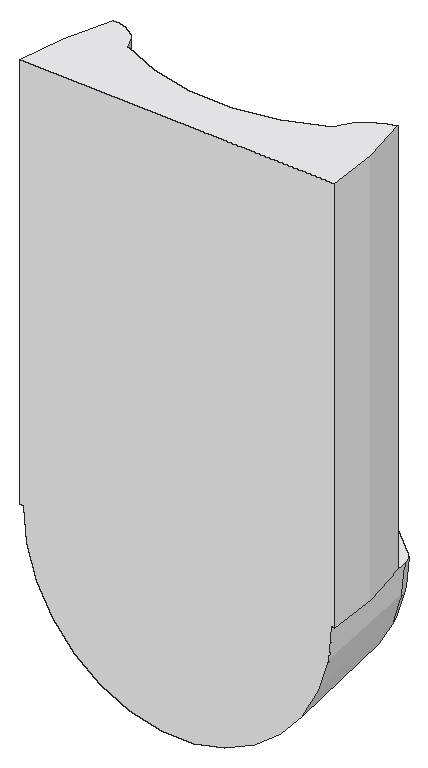
Revit family
Parameters (values of type "Urinal")
  Urinal Material = Porcelain, White
  Subcategory = "Toiletry"
  SmartBIM Object Version = 3  # constant formula
  SmartBIM Object Created By = "Reed Construction Data"  # constant formula
  Model = ""
  Manufacturer = ""
  Assembly Code = "D2010210"
  95 CSI = "15410"
  04 CSI = "22 42 12"
Reference planes (in)
  plane 1: y = 0
  plane 2 "Center (Left/Right)": x = -0.47711
  plane 3 "Back": y = 4.5
  plane 4: z = 24
Text (in)
  text "Placement Side" at (0, 40.15149, 123.01588), in view "Right"
  text "Placement Side" at (-127.30771, 86.29255, 0), in view "Ref. Level"
  text "Placement Side" at (0, 47.49176, 113.10569), in view "Left"
Dimensions and locks (in)
  locked: plane 3 "Back" to host wall
  locked: level to plane 4 at 24
  aligned and locked: plane 2 "Center (Left/Right)" to nested 1
  aligned and locked: nested 1 to host wall
  aligned and locked: nested 1 to plane 4
Nested families (in)
  nested 1: "Urinal" at (-0.47711, 4.5, 0), type "Urinal"
Definition of nested family "Urinal"
  Parameters (values of type "Urinal")
    Urinal Material = Porcelain, White
    Assembly Code = ""
  Reference planes (in)
    plane 1 "Center (Front/Back)": y = 0
    plane 2: z = 0
    plane 3 "Center (Left/Right)": x = 0
    plane 4: z = 24
  Forms (in)
    Revolve 1, void
      sketch origin (216.40707, -40.61659, 31.84397) x (0, -1, 0) y (1, 0, 0)
        loop
          arc (-41.59446, -211.2779) -> (-41.87114, -210.54253) -> (-42.40972, -209.97049) r 2
          arc (-42.40972, -209.97049) -> (-46.30041, -211.67596) -> (-49.57638, -214.38041) r 15.38499
          arc (-49.57638, -214.38041) -> (-49.71751, -215.38938) -> (-49.76469, -216.40707) r 11
          line (-49.76469, -216.40707) -> (-41.17471, -216.40707)
          arc (-41.17471, -216.40707) -> (-41.28131, -213.83403) -> (-41.59446, -211.2779) r 32
        axis (-49.76469, -216.40707) -> (-41.17471, -216.40707)
      angle from 0 to 180
    Revolve 2, solid, material "Porcelain, White" <- "Urinal Material"
      sketch origin (216.40707, -40.61659, 31.84397) x (0, -1, 0) y (1, 0, 0)
        loop
          line (-40.61659, -216.39201) -> (-40.61659, -208.54804)
          arc (-40.61659, -208.54804) -> (-43.49953, -208.92418) -> (-46.36573, -209.41176) r 75.00467
          arc (-46.36573, -209.41176) -> (-46.75677, -209.57191) -> (-47.08607, -209.83672) r 1.46951
          line (-47.08607, -209.83672) -> (-50.64192, -214.12161)
          arc (-50.64192, -214.12161) -> (-50.66608, -214.15984) -> (-50.67968, -214.20296) r 0.17568
          arc (-50.67968, -214.20296) -> (-50.68685, -214.24357) -> (-50.69388, -214.2842) r 12.04507
          arc (-50.69388, -214.2842) -> (-50.7133, -214.40099) -> (-50.73157, -214.51796) r 12.04507
          arc (-50.73157, -214.51796) -> (-50.74699, -214.62311) -> (-50.76147, -214.7284) r 12.04507
          arc (-50.76147, -214.7284) -> (-50.7778, -214.85626) -> (-50.79276, -214.98429) r 12.04507
          arc (-50.79276, -214.98429) -> (-50.80632, -215.11228) -> (-50.81852, -215.24041) r 12.04507
          arc (-50.81852, -215.24041) -> (-50.82957, -215.37141) -> (-50.83918, -215.50252) r 12.04507
          arc (-50.83918, -215.50252) -> (-50.84881, -215.65949) -> (-50.85638, -215.81657) r 12.04507
          arc (-50.85638, -215.81657) -> (-50.86047, -215.92695) -> (-50.86355, -216.03736) r 12.04507
          arc (-50.86355, -216.03736) -> (-50.8653, -216.12657) -> (-50.86638, -216.2158) r 12.04507
          arc (-50.86638, -216.2158) -> (-50.86681, -216.3039) -> (-50.86659, -216.39201) r 12.04507
          line (-50.86659, -216.39201) -> (-40.61659, -216.39201)
        axis (-50.86659, -216.39201) -> (-40.61659, -216.39201)
      angle from 0 to 180
    Extrusion 3, solid, material "Porcelain, White" <- "Urinal Material"
      sketch origin (216.40707, -40.61659, 31.84397) x (0, -1, 0) y (1, 0, 0)
        loop
          arc (-40.61659, -208.37862) -> (-43.2621, -208.67318) -> (-45.82858, -209.37933) r 16.90592
          arc (-45.82858, -209.37933) -> (-45.46947, -210.21585) -> (-44.86042, -210.89243) r 2.79278
          arc (-44.86042, -210.89243) -> (-43.74237, -210.41251) -> (-42.58989, -210.02243) r 15.38499
          arc (-42.58989, -210.02243) -> (-42.09851, -210.57971) -> (-41.84446, -211.2779) r 2
          arc (-41.84446, -211.2779) -> (-41.53131, -213.83403) -> (-41.42471, -216.40707) r 32
          arc (-41.42471, -216.40707) -> (-41.59677, -219.68422) -> (-42.10356, -222.92651) r 32
          arc (-42.10356, -222.92651) -> (-43.40647, -222.52587) -> (-44.66881, -222.01148) r 15.38499
          arc (-44.66881, -222.01148) -> (-45.2391, -222.68343) -> (-45.42578, -223.54477) r 1.81558
          arc (-45.42578, -223.54477) -> (-43.05243, -224.14972) -> (-40.61659, -224.40539) r 16.90592
          line (-40.61659, -224.40539) -> (-40.61659, -208.37862)
      from 0 to 20.228
    Extrusion 4, solid, material "Porcelain, White" <- "Urinal Material"
      sketch origin (216.40707, -40.61659, 31.84397) x (0, -1, 0) y (1, 0, 0)
        loop
          line (-40.61659, -224.40539) -> (-40.61659, -208.37862)
          arc (-40.61659, -208.37862) -> (-43.2621, -208.67318) -> (-45.82858, -209.37933) r 16.90592
          arc (-45.82858, -209.37933) -> (-45.21422, -210.55493) -> (-44.12677, -211.31449) r 2.79278
          arc (-44.12677, -211.31449) -> (-42.79526, -216.53042) -> (-44.12677, -221.74634) r 10.88194
          arc (-44.12677, -221.74634) -> (-45.08291, -222.42407) -> (-45.42578, -223.54477) r 1.81558
          arc (-45.42578, -223.54477) -> (-43.05243, -224.14972) -> (-40.61659, -224.40539) r 16.90592
      from 20.228 to 17.59433
  Cuts and joins
    Revolve 1 cuts Revolve 2
    Revolve 1 cuts Extrusion 3
    joined: Revolve 2, Extrusion 3, Extrusion 4
  Dimensions and locks (in)
    locked: cut or joined group of Revolve 1, Revolve 2, Extrusion 3, Extrusion 4 to level at 24
    locked: plane 4 to level at 24
    aligned and locked: Revolve 1 sketch curve to Revolve 1 sketch curve
    aligned and locked: Extrusion 4 to Extrusion 3
    aligned and locked: Extrusion 4 sketch curve to Extrusion 3  (x2)
